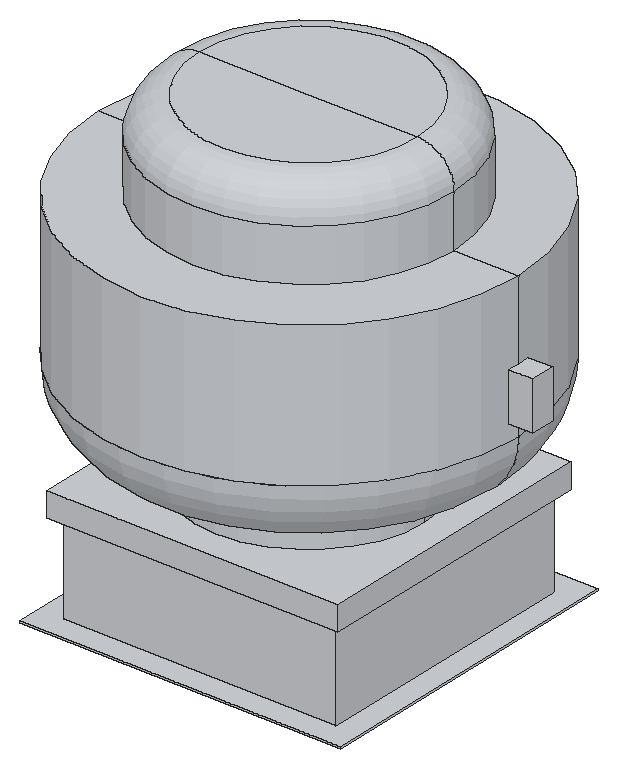
Revit family "VCRD", category Mechanical Equipment, Revit 2019
Family settings
  Round Connector Dimension = Use Diameter
  Part Type = Normal
  Work Plane-Based = No
  Always vertical = Yes
  Cut with Voids When Loaded = No
  Shared = No
  Room Calculation Point = No
Parameters (values of type "150_VCRD-EC")
  ZERO = 0"  # constant formula
  WB_RADIUS = 6"
  Voltage [instance] = 0 V
  Unit Weight [instance] = ""
  URL = "www.lorencook.com"
  Type Comments = "Upblast Centrifugal Exaust Ventilator Roof Mounted/Direct Drive with External Speed Control Electronically Commutated (EC) Motor Type N"
  Top_Rad = 3"
  T_SQ_HALF = T_SQ / 2  # 12"
  T_SQ = 24"
  Static Pressure [instance] = 0.00 in-wg
  Sones [instance] = ""
  ROOF_OPENING = T_SQ - 4 1/2"  # 19 1/2"
  RO/2 = ROOF_OPENING / 2  # 9 3/4"
  Power [instance] = Voltage * Motor FLA * sqrt(if(Phase = 3, 3, 1))  # 0 VA
  Phase [instance] = 0
  Number of Poles [instance] = 1
  Motor RPM [instance] = ""
  Motor Hp [instance] = ""
  Motor FLA [instance] = 0 A
  Motor Enclosure [instance] = ""
  ModelID [instance] = ""
  Model = "VCRD-EC"
  Manufacturer = "Loren Cook Company"
  LwA [instance] = ""
  HALF_B_SUB = B_SUB / 2  # 17 11/32"
  Fan RPM = ""
  ELEC = A_SUB / 2  # 10 15/32"
  EIGHTH_T_SQ = T_SQ / 10  # 2.4"
  G_SUBDEPTH = 2"
  C_SUB = 30 1/4"
  CURB_HEIGHT [instance] = 9 1/2"
  CURB [instance] = yes
  CFM [instance] = 0 CFM
  Brake Hp [instance] = ""
  B_SUB = 34 11/16"
  INLET_HEIGHT = 3 1/16"
  Accessories [instance] = ""
  A_SUB = 20 15/16"
  APLUSG = INLET_HEIGHT + G_SUBDEPTH  # 5 1/16"
  2" = 2"  # constant formula
  1.5" = 1 1/2"  # constant formula
  ONE EIGTH = 1/8"  # constant formula
Types (51): name | WB_RADIUS | Type Comments | Top_Rad | T_SQ_HALF | T_SQ | ROOF_OPENING | RO/2 | Motor Hp | Model | HALF_B_SUB | ELEC | EIGHTH_T_SQ | G_SUBDEPTH | C_SUB | B_SUB | INLET_HEIGHT | A_SUB | APLUSG
  (no name) | 6" | "Upblast Centrifugal Exaust Ventilator Roof Mounted/Direct Drive with External Speed Control Electronically Commutated (EC) Motor Type N" | 3" | 12" | 24" | 19 1/2" | 9 3/4" | "" | "VCRD-EC" | 17 11/32" | 10 15/32" | 2.4" | 2" | 30 1/4" | 34 11/16" | 3 1/16" | 20 15/16" | 5 1/16"
  100_VCRD | 4" | "Upblast Centrifugal Exaust Ventilator Roof Mounted/Direct Drive" | 3" | 9" | 18" | 13 1/2" | 6 3/4" | "0" | "VCRD" | 12 5/8" | 6 1/4" | 1.8" | 2" | 21 15/16" | 25 1/4" | 2 7/8" | 12 1/2" | 4 7/8"
  120_VCRD | 6" | "Upblast Centrifugal Exaust Ventilator Roof Mounted/Direct Drive" | 3" | 10" | 20" | 15 1/2" | 7 3/4" | "" | "VCRD" | 15 3/32" | 9 17/32" | 2" | 2" | 28 1/4" | 30 3/16" | 1 13/16" | 19 1/16" | 3 13/16"
  135_VCRD | 6" | "Upblast Centrifugal Exaust Ventilator Roof Mounted/Direct Drive" | 3" | 10" | 20" | 15 1/2" | 7 3/4" | "" | "VCRD" | 15 3/32" | 9 17/32" | 2" | 2" | 28 5/8" | 30 3/16" | 2 3/16" | 19 1/16" | 4 3/16"
  150_VCRD | 6" | "Upblast Centrifugal Exaust Ventilator Roof Mounted/Direct Drive" | 3" | 12" | 24" | 19 1/2" | 9 3/4" | "" | "VCRD" | 17 11/32" | 10 15/32" | 2.4" | 2" | 30 1/4" | 34 11/16" | 3 1/16" | 20 15/16" | 5 1/16"
  165_VCRD | 6" | "Upblast Centrifugal Exaust Ventilator Roof Mounted/Direct Drive" | 3" | 12" | 24" | 19 1/2" | 9 3/4" | "" | "VCRD" | 17 11/32" | 10 15/32" | 2.4" | 2" | 30 3/4" | 34 11/16" | 3 9/16" | 20 15/16" | 5 9/16"
  180_VCRD | 6" | "Upblast Centrifugal Exaust Ventilator Roof Mounted/Direct Drive" | 3" | 15" | 30" | 25 1/2" | 12 3/4" | "" | "VCRD" | 19 23/32" | 12 13/32" | 3" | 3" | 35 7/8" | 39 7/16" | 3 15/16" | 24 13/16" | 6 15/16"
  150_VCRD-HP | 6" | "Upblast Centrifugal Exaust Ventilator Roof Mounted/Direct Drive" | 3" | 12" | 24" | 19 1/2" | 9 3/4" | "" | "VCRD-HP" | 17 11/32" | 10 15/32" | 2.4" | 2" | 27 1/2" | 34 11/16" | 3 1/16" | 20 15/16" | 5 1/16"
  165_VCRD-HP | 6" | "Upblast Centrifugal Exaust Ventilator Roof Mounted/Direct Drive" | 3" | 12" | 24" | 19 1/2" | 9 3/4" | "" | "VCRD-HP" | 17 11/32" | 10 15/32" | 2.4" | 2" | 27 3/4" | 34 11/16" | 3 9/16" | 20 15/16" | 5 9/16"
  180_VCRD-HP | 6" | "Upblast Centrifugal Exaust Ventilator Roof Mounted/Direct Drive" | 3" | 15" | 30" | 25 1/2" | 12 3/4" | "" | "VCRD-HP" | 19 23/32" | 12 13/32" | 3" | 3" | 33 3/8" | 39 7/16" | 3 15/16" | 24 13/16" | 6 15/16"
  195_VCD-HP | 7" | "Upblast Centrifugal Exaust Ventilator Roof Mounted/Direct Drive" | 3" | 15" | 30" | 25 1/2" | 12 3/4" | "" | "VCRD-HP" | 19 23/32" | 12 13/32" | 3" | 3" | 33 1/2" | 39 7/16" | 4 7/16" | 24 13/16" | 7 7/16"
  165_VCRD-XP | 6" | "Upblast Centrifugal Exaust Ventilator Roof Mounted/Direct Drive" | 3" | 12" | 24" | 19 1/2" | 9 3/4" | "" | "VCRD-XP" | 17 11/32" | 10 15/32" | 2.4" | 2" | 26 11/16" | 34 11/16" | 3 9/16" | 20 15/16" | 5 9/16"
  180_VCRD-XP | 6" | "Upblast Centrifugal Exaust Ventilator Roof Mounted/Direct Drive" | 3" | 15" | 30" | 25 1/2" | 12 3/4" | "" | "VCRD-XP" | 19 23/32" | 12 13/32" | 3" | 3" | 31 9/16" | 39 7/16" | 3 15/16" | 24 13/16" | 6 15/16"
  195_VCRD-XP | 7" | "Upblast Centrifugal Exaust Ventilator Roof Mounted/Direct Drive" | 3" | 15" | 30" | 25 1/2" | 12 3/4" | "" | "VCRD-XP" | 19 23/32" | 12 13/32" | 3" | 3" | 32 1/8" | 39 7/16" | 4 7/16" | 24 13/16" | 7 7/16"
  195_VCRD | 7" | "Upblast Centrifugal Exaust Ventilator Roof Mounted/Direct Drive" | 3" | 15" | 30" | 25 1/2" | 12 3/4" | "" | "VCRD" | 19 23/32" | 12 13/32" | 3" | 3" | 36 3/8" | 39 7/16" | 4 7/16" | 24 13/16" | 7 7/16"
  210_VCRD | 7" | "Upblast Centrifugal Exaust Ventilator Roof Mounted/Direct Drive" | 3" | 15" | 30" | 25 1/2" | 12 3/4" | "" | "VCRD" | 22 5/8" | 12 31/32" | 3" | 3" | 38 3/8" | 45 1/4" | 4 7/16" | 25 15/16" | 7 7/16"
  225_VCRD | 7" | "Upblast Centrifugal Exaust Ventilator Roof Mounted/Direct Drive" | 3" | 15" | 30" | 25 1/2" | 12 3/4" | "" | "VCRD" | 22 5/8" | 12 31/32" | 3" | 3" | 38 1/8" | 45 1/4" | 4 7/16" | 25 15/16" | 7 7/16"
  245_VCRD | 7" | "Upblast Centrifugal Exaust Ventilator Roof Mounted/Direct Drive" | 3" | 15" | 30" | 25 1/2" | 12 3/4" | "" | "VCRD" | 24 5/8" | 14 1/4" | 3" | 3" | 41 1/16" | 49 1/4" | 4 7/16" | 28 1/2" | 7 7/16"
  270_VCRD | 7" | "Upblast Centrifugal Exaust Ventilator Roof Mounted/Direct Drive" | 3" | 18" | 36" | 31 1/2" | 15 3/4" | "" | "VCRD" | 24 5/8" | 14 1/4" | 3.6" | 3" | 41 1/16" | 49 1/4" | 4 7/16" | 28 1/2" | 7 7/16"
  300_VCRD | 7" | "Upblast Centrifugal Exaust Ventilator Roof Mounted/Direct Drive" | 3" | 18" | 36" | 31 1/2" | 15 3/4" | "" | "VCRD" | 27 1/8" | 16 15/16" | 3.6" | 3" | 49 15/16" | 54 1/4" | 4 7/16" | 33 7/8" | 7 7/16"
  210_VCRD-HP | 7" | "Upblast Centrifugal Exaust Ventilator Roof Mounted/Direct Drive" | 3" | 15" | 30" | 25 1/2" | 12 3/4" | "" | "VCRD-HP" | 22 5/8" | 12 31/32" | 3" | 3" | 35 3/8" | 45 1/4" | 4 7/16" | 25 15/16" | 7 7/16"
  210_VCRD-XP | 7" | "Upblast Centrifugal Exaust Ventilator Roof Mounted/Direct Drive" | 3" | 15" | 30" | 25 1/2" | 12 3/4" | "" | "VCRD-XP" | 22 5/8" | 12 31/32" | 3" | 3" | 32 3/4" | 45 1/4" | 4 7/16" | 25 15/16" | 7 7/16"
  225_VCRD-HP | 7" | "Upblast Centrifugal Exaust Ventilator Roof Mounted/Direct Drive" | 3" | 15" | 30" | 25 1/2" | 12 3/4" | "" | "VCRD-HP" | 22 5/8" | 12 31/32" | 3" | 3" | 33 5/16" | 45 1/4" | 4 7/16" | 25 15/16" | 7 7/16"
  225_VCRD-XP | 7" | "Upblast Centrifugal Exaust Ventilator Roof Mounted/Direct Drive" | 3" | 15" | 30" | 25 1/2" | 12 3/4" | "" | "VCRD-XP" | 22 5/8" | 12 31/32" | 3" | 3" | 33 5/16" | 45 1/4" | 4 7/16" | 25 15/16" | 7 7/16"
  245_VCRD-HP | 7" | "Upblast Centrifugal Exaust Ventilator Roof Mounted/Direct Drive" | 3" | 15" | 30" | 25 1/2" | 12 3/4" | "" | "VCRD-HP" | 24 5/8" | 14 1/4" | 3" | 3" | 37 5/16" | 49 1/4" | 4 7/16" | 28 1/2" | 7 7/16"
  245_VCRD-XP | 7" | "Upblast Centrifugal Exaust Ventilator Roof Mounted/Direct Drive" | 2" | 15" | 30" | 25 1/2" | 12 3/4" | "" | "VCRD-XP" | 24 5/8" | 14 1/4" | 3" | 3" | 34 1/16" | 49 1/4" | 4 7/16" | 28 1/2" | 7 7/16"
  270_VCRD-HP | 7" | "Upblast Centrifugal Exaust Ventilator Roof Mounted/Direct Drive" | 3" | 18" | 36" | 31 1/2" | 15 3/4" | "" | "VCRD-HP" | 24 5/8" | 14 1/4" | 3.6" | 3" | 37 5/16" | 49 1/4" | 4 7/16" | 28 1/2" | 7 7/16"
  270_VCRD-XP | 7" | "Upblast Centrifugal Exaust Ventilator Roof Mounted/Direct Drive" | 3" | 18" | 36" | 31 1/2" | 15 3/4" | "" | "VCRD-XP" | 24 5/8" | 14 1/4" | 3.6" | 3" | 35" | 49 1/4" | 4 7/16" | 28 1/2" | 7 7/16"
  300_VCRD-HP | 7" | "Upblast Centrifugal Exaust Ventilator Roof Mounted/Direct Drive" | 3" | 18" | 36" | 31 1/2" | 15 3/4" | "" | "VCRD-HP" | 27 1/8" | 16 15/16" | 3.6" | 3" | 45 15/16" | 54 1/4" | 4 7/16" | 33 7/8" | 7 7/16"
  300_VCRD-XP | 7" | "Upblast Centrifugal Exaust Ventilator Roof Mounted/Direct Drive" | 3" | 18" | 36" | 31 1/2" | 15 3/4" | "" | "VCRD-XP" | 27 1/8" | 16 15/16" | 3.6" | 3" | 41 7/16" | 54 1/4" | 4 7/16" | 33 7/8" | 7 7/16"
  100_VCRD-VF | 4" | "Upblast Centrifugal Exaust Ventilator Roof Mounted/Direct Drive Electronically Commutated Vari-Flow Motor" | 3" | 9" | 18" | 13 1/2" | 6 3/4" | "0" | "VCRD-VF" | 12 5/8" | 6 1/4" | 1.8" | 2" | 22 5/16" | 25 1/4" | 2 7/8" | 12 1/2" | 4 7/8"
  120_VCRD-VF | 6" | "Upblast Centrifugal Exaust Ventilator Roof Mounted/Direct Drive Electronically Commutated Vari-Flow Motor" | 3" | 10" | 20" | 15 1/2" | 7 3/4" | "" | "VCRD-VF" | 15 3/32" | 9 17/32" | 2" | 2" | 28 1/4" | 30 3/16" | 1 13/16" | 19 1/16" | 3 13/16"
  135_VCRD-VF | 6" | "Upblast Centrifugal Exaust Ventilator Roof Mounted/Direct Drive Electronically Commutated Vari-Flow Motor" | 3" | 10" | 20" | 15 1/2" | 7 3/4" | "" | "VCRD-VF" | 15 3/32" | 9 17/32" | 2" | 2" | 28 5/8" | 30 3/16" | 2 3/16" | 19 1/16" | 4 3/16"
  150_VCRD-VF | 6" | "Upblast Centrifugal Exaust Ventilator Roof Mounted/Direct Drive Electronically Commutated Vari-Flow Motor" | 3" | 12" | 24" | 19 1/2" | 9 3/4" | "" | "VCRD-VF" | 17 11/32" | 10 15/32" | 2.4" | 2" | 30 1/4" | 34 11/16" | 3 1/16" | 20 15/16" | 5 1/16"
  165_VCRD-VF | 6" | "Upblast Centrifugal Exaust Ventilator Roof Mounted/Direct Drive Electronically Commutated Vari-Flow Motor" | 3" | 12" | 24" | 19 1/2" | 9 3/4" | "" | "VCRD-VF" | 17 11/32" | 10 15/32" | 2.4" | 2" | 30 3/4" | 34 11/16" | 3 9/16" | 20 15/16" | 5 9/16"
  180_VCRD-VF | 6" | "Upblast Centrifugal Exaust Ventilator Roof Mounted/Direct Drive Electronically Commutated Vari-Flow Motor" | 3" | 15" | 30" | 25 1/2" | 12 3/4" | "" | "VCRD-VF" | 19 23/32" | 12 13/32" | 3" | 3" | 35 7/8" | 39 7/16" | 3 15/16" | 24 13/16" | 6 15/16"
  195_VCRD-VF | 7" | "Upblast Centrifugal Exaust Ventilator Roof Mounted/Direct Drive Electronically Commutated Vari-Flow Motor" | 3" | 15" | 30" | 25 1/2" | 12 3/4" | "" | "VCRD-VF" | 19 23/32" | 12 13/32" | 3" | 3" | 36 3/8" | 39 7/16" | 4 7/16" | 24 13/16" | 7 7/16"
  210_VCRD-VF | 7" | "Upblast Centrifugal Exaust Ventilator Roof Mounted/Direct Drive Electronically Commutated Vari-Flow Motor" | 3" | 15" | 30" | 25 1/2" | 12 3/4" | "" | "VCRD-VF" | 22 5/8" | 12 31/32" | 3" | 3" | 38 3/8" | 45 1/4" | 4 7/16" | 25 15/16" | 7 7/16"
  150_VCRD-HP-VF | 6" | "Upblast Centrifugal Exaust Ventilator Roof Mounted/Direct Drive Electronically Commutated Vari-Flow Motor" | 3" | 12" | 24" | 19 1/2" | 9 3/4" | "" | "VCRD-HP-VF" | 17 11/32" | 10 15/32" | 2.4" | 2" | 27 1/2" | 34 11/16" | 3 1/16" | 20 15/16" | 5 1/16"
  165_VCRD-HP-VF | 6" | "Upblast Centrifugal Exaust Ventilator Roof Mounted/Direct Drive Electronically Commutated Vari-Flow Motor" | 3" | 12" | 24" | 19 1/2" | 9 3/4" | "" | "VCRD-HP-VF" | 17 11/32" | 10 15/32" | 2.4" | 2" | 27 3/4" | 34 11/16" | 3 9/16" | 20 15/16" | 5 9/16"
  180_VCRD-HP-VF | 6" | "Upblast Centrifugal Exaust Ventilator Roof Mounted/Direct Drive Electronically Commutated Vari-Flow Motor" | 3" | 15" | 30" | 25 1/2" | 12 3/4" | "" | "VCRD-HP-VF" | 19 23/32" | 12 13/32" | 3" | 3" | 33 3/8" | 39 7/16" | 3 15/16" | 24 13/16" | 6 15/16"
  195_VCRD-HP-VF | 7" | "Upblast Centrifugal Exaust Ventilator Roof Mounted/Direct Drive Electronically Commutated Vari-Flow Motor" | 3" | 15" | 30" | 25 1/2" | 12 3/4" | "" | "VCRD-HP-VF" | 19 23/32" | 12 13/32" | 3" | 3" | 33 1/2" | 39 7/16" | 4 7/16" | 24 13/16" | 7 7/16"
  210_VCRD-HP-VF | 7" | "Upblast Centrifugal Exaust Ventilator Roof Mounted/Direct Drive Electronically Commutated Vari-Flow Motor" | 3" | 15" | 30" | 25 1/2" | 12 3/4" | "" | "VCRD-HP-VF" | 22 5/8" | 12 31/32" | 3" | 3" | 35 3/8" | 45 1/4" | 4 7/16" | 25 15/16" | 7 7/16"
  165_VCRD-XP-VF | 6" | "Upblast Centrifugal Exaust Ventilator Roof Mounted/Direct Drive Electronically Commutated Vari-Flow Motor" | 3" | 12" | 24" | 19 1/2" | 9 3/4" | "" | "VCRD-XP-VF" | 17 11/32" | 10 15/32" | 2.4" | 2" | 26 11/16" | 34 11/16" | 3 9/16" | 20 15/16" | 5 9/16"
  180_VCRD-XP-VF | 6" | "Upblast Centrifugal Exaust Ventilator Roof Mounted/Direct Drive Electronically Commutated Vari-Flow Motor" | 3" | 15" | 30" | 25 1/2" | 12 3/4" | "" | "VCRD-XP-VF" | 19 23/32" | 12 13/32" | 3" | 3" | 31 9/16" | 39 7/16" | 3 15/16" | 24 13/16" | 6 15/16"
  195_VCRD-XP-VF | 7" | "Upblast Centrifugal Exaust Ventilator Roof Mounted/Direct Drive Electronically Commutated Vari-Flow Motor" | 3" | 15" | 30" | 25 1/2" | 12 3/4" | "" | "VCRD-XP-VF" | 19 23/32" | 12 13/32" | 3" | 3" | 32 1/8" | 39 7/16" | 4 7/16" | 24 13/16" | 7 7/16"
  210_VCRD-XP-VF | 7" | "Upblast Centrifugal Exaust Ventilator Roof Mounted/Direct Drive Electronically Commutated Vari-Flow Motor" | 3" | 15" | 30" | 25 1/2" | 12 3/4" | "" | "VCRD-XP-VF" | 22 5/8" | 12 31/32" | 3" | 3" | 32 3/4" | 45 1/4" | 4 7/16" | 25 15/16" | 7 7/16"
  225_VCRD-XP-VF | 7" | "Upblast Centrifugal Exaust Ventilator Roof Mounted/Direct Drive Electronically Commutated Vari-Flow Motor" | 3" | 15" | 30" | 25 1/2" | 12 3/4" | "" | "VCRD-XP-VF" | 22 5/8" | 12 31/32" | 3" | 3" | 33 5/16" | 45 1/4" | 4 7/16" | 25 15/16" | 7 7/16"
  150_VCRD-EC | 6" | "Upblast Centrifugal Exaust Ventilator Roof Mounted/Direct Drive with External Speed Control Electronically Commutated (EC) Motor Type N" | 3" | 12" | 24" | 19 1/2" | 9 3/4" | "" | "VCRD-EC" | 17 11/32" | 10 15/32" | 2.4" | 2" | 30 1/4" | 34 11/16" | 3 1/16" | 20 15/16" | 5 1/16"
  165_VCRD-HP-EC | 6" | "Upblast Centrifugal Exaust Ventilator Roof Mounted/Direct Drive with External Speed Control Electronically Commutated (EC) Motor Type N" | 3" | 12" | 24" | 19 1/2" | 9 3/4" | "" | "VCRD-HP-EC" | 17 11/32" | 10 15/32" | 2.4" | 2" | 27 3/4" | 34 11/16" | 3 9/16" | 20 15/16" | 5 9/16"
  195_VCRD-XP-EC | 7" | "Upblast Centrifugal Exaust Ventilator Roof Mounted/Direct Drive with External Speed Control Electronically Commutated (EC) Motor Type N" | 3" | 15" | 30" | 25 1/2" | 12 3/4" | "" | "VCRD-XP-EC" | 19 23/32" | 12 13/32" | 3" | 3" | 32 1/8" | 39 7/16" | 4 7/16" | 24 13/16" | 7 7/16"
Reference planes (in)
  plane 1 "Center (Front/Back)": y = 0
  plane 2: z = 0
  plane 3 "Center (Left/Right)": x = 0.40541
  plane 4: x = 17.74916
Forms (in)
  Extrusion 1, solid
    sketch origin (0, 0, 0) x (1, 0, 0) y (0, 1, 0)
      loop
        line (-11.59459, 12) -> (-11.59459, -12) -> (12.40541, -12) -> (12.40541, 12) -> (-11.59459, 12)
    from 0 to 2
  Revolve 2, solid
    sketch origin (0, 0, 0) x (1, 0, 0) y (0, 0, 1)
      loop
        line (0.40541, 2) -> (10.00541, 2) -> (10.00541, 5.0625) -> (0.40541, 5.0625) -> (0.40541, 2)
      axis (0.40541, 5.0625) -> (0.40541, 2)
    angle from 0 to 360
  Revolve 3, solid
    sketch origin (0, 0, 0) x (1, 0, 0) y (0, 0, 1)
      loop
        line (0.40541, 5.0625) -> (11.74916, 5.0625)
        arc (11.74916, 5.0625) -> (15.9918, 6.81986) -> (17.74916, 11.0625) r 6
        line (17.74916, 11.0625) -> (17.74916, 22.9375) -> (0.40541, 22.9375) -> (0.40541, 5.0625)
      axis (0.40541, 5.0625) -> (0.40541, 22.9375)
    angle from 0 to 360
  Revolve 4, solid
    sketch origin (0, 0, 0) x (1, 0, 0) y (0, 0, 1)
      loop
        line (0.40541, 22.9375) -> (12.40541, 22.9375) -> (12.40541, 27.25)
        arc (12.40541, 27.25) -> (11.52673, 29.37132) -> (9.40541, 30.25) r 3
        line (9.40541, 30.25) -> (0.40541, 30.25) -> (0.40541, 22.9375)
      axis (0.40541, 22.9375) -> (0.40541, 30.25)
    angle from 0 to 360
  Extrusion 5, solid
    sketch origin (17.74916, 9.81169, 48) x (0, 1, 0) y (0, 0, 1)
      loop
        line (-10.84646, -31.53125) -> (-10.84646, -35.53125) -> (-8.84646, -35.53125) -> (-8.84646, -31.53125) -> (-10.84646, -31.53125)
    from 0 to 2
  Extrusion 6, void
    sketch origin (0, 0, 0) x (1, 0, 0) y (0, 1, 0)
      loop
        line (-11.46959, -11.875) -> (12.28041, -11.875) -> (12.28041, 11.875) -> (-11.46959, 11.875) -> (-11.46959, -11.875)
    from 0 to 1.875
  Extrusion 7, solid, visible <- "CURB"
    sketch origin (0, 0, 1.875) x (0, 1, 0) y (1, 0, 0)
      loop
        line (11.25, -10.84459) -> (11.25, 11.65541) -> (-11.25, 11.65541) -> (-11.25, -10.84459) -> (11.25, -10.84459)
      loop
        line (-9.75, 10.15541) -> (-9.75, -9.34459) -> (9.75, -9.34459) -> (9.75, 10.15541) -> (-9.75, 10.15541)
    from 0 to 9.5 <- "CURB_HEIGHT"
  Extrusion 8, solid, visible <- "CURB"
    sketch origin (0, 0, -7.625) x (-1, 0, 0) y (0, 1, 0)
      loop
        line (-13.65541, -13.25) -> (12.84459, -13.25) -> (12.84459, 13.25) -> (-13.65541, 13.25) -> (-13.65541, -13.25)
      loop
        line (10.84459, 11.25) -> (-11.65541, 11.25) -> (-11.65541, -11.25) -> (10.84459, -11.25) -> (10.84459, 11.25)
    from 0 to -0.125
Cuts and joins
  Extrusion 6 cuts Extrusion 1
Dimensions and locks (in)
  "T_SQ": Extrusion 1 sketch curve to Extrusion 1 sketch curve  (x2)
  "G_SUBDEPTH": Extrusion 1 to Extrusion 1
  "T_SQ": Extrusion 1 to Extrusion 1  (x2)
  "EIGHTH_T_SQ": Extrusion 1 to Revolve 2 sketch curve
  "INLET_HEIGHT": Revolve 2 sketch curve to Extrusion 1
  Revolve 2 sketch curve to Extrusion 1 = 0"
  "T_SQ_HALF": Revolve 2 sketch curve to Extrusion 1  (x2)
  "T_SQ_HALF": Extrusion 1 sketch curve to plane 3 "Center (Left/Right)"
  "T_SQ_HALF": plane 1 "Center (Front/Back)" to Extrusion 1 sketch curve
  "HALF_B_SUB": Revolve 3 sketch curve to Revolve 3 sketch curve
  "A_SUB": Revolve 3 sketch curve to Extrusion 1
  Revolve 2 to Revolve 3 sketch curve = 0"
  Revolve 3 sketch curve to plane 3 "Center (Left/Right)" = 0"
  "A_SUB": Revolve 4 sketch curve to Extrusion 1
  "C_SUB": Revolve 4 sketch curve to Extrusion 1
  Revolve 4 sketch curve to plane 3 "Center (Left/Right)" = 0"
  Extrusion 1 to Revolve 4 sketch curve = 0"
  "HALF_B_SUB": plane 3 "Center (Left/Right)" to plane 4
  "ELEC": Extrusion 5 sketch curve to Extrusion 1
  Extrusion 5 sketch curve to plane 1 "Center (Front/Back)" = 1.03477"
  "ONE EIGTH": Extrusion 1 to Extrusion 6 sketch curve  (x3)
  "ONE EIGTH": Extrusion 6 sketch curve to Extrusion 1
  "RO/2": plane 3 "Center (Left/Right)" to Extrusion 7 sketch curve
  "RO/2": Extrusion 7 sketch curve to plane 3 "Center (Left/Right)"
  "RO/2": plane 1 "Center (Front/Back)" to Extrusion 7 sketch curve  (x2)
  "1.5"": Extrusion 7 sketch curve to Extrusion 7 sketch curve  (x4)
  "ZERO": Extrusion 8 sketch curve to Extrusion 7  (x3)
  "ZERO": Extrusion 7 to Extrusion 8 sketch curve
  "2"": Extrusion 8 sketch curve to Extrusion 8 sketch curve  (x4)
  "Top_Rad": radius of Revolve 4 sketch curve
  "WB_RADIUS": radius of Revolve 3 sketch curve
Automatic sketch dimensions
  Revolve 2 sketch curve to Revolve 2 sketch curve = 0"  (x2)
  Revolve 3 sketch curve to Revolve 3 sketch curve = 0"  (x2)
  Extrusion 5 sketch curve to plane 1 "Center (Front/Back)" = 0.96523"
  Extrusion 5 sketch curve to Extrusion 5 sketch curve = 4"
  Revolve 3 sketch curve to plane 3 "Center (Left/Right)" = 0"
  Revolve 4 sketch curve to plane 3 "Center (Left/Right)" = 0"
  Revolve 4 sketch curve to Revolve 4 sketch curve = 0"  (x2)
Connectors (in)
  electrical at (18.74916, -0.03477, 12.46875)
    settings: on Extrusion 5, index 2, voltage 0 V, apparent load 0 VA, apparent load phase1 0 VA, apparent load phase2 0 VA, apparent load phase3 0 VA, power factor 1, load classification "Other", number of poles 1, system type 30, power factor state 1, is connector primary yes, connector utility no, sub classification motor no, connector description ""
  hvac at (0.40541, 0, 1.875), driven by "CFM", driven by "ROOF_OPENING", driven by "ROOF_OPENING"
    settings: on cut or joined group of Extrusion 1, Extrusion 6, index 3, duct flow 0 CFM, flow factor 0, pres drop 0.00 in-wg, loss coef 0, conn angle 0.00°, conn width 19 1/2", conn height 19 1/2", conn diameter 24", duct sys type 3, conn prof type 1, flow config 0, flow direction 2, loss method 0, conn ref index -1, conn util no, is conn primary yes, conn desc ""
